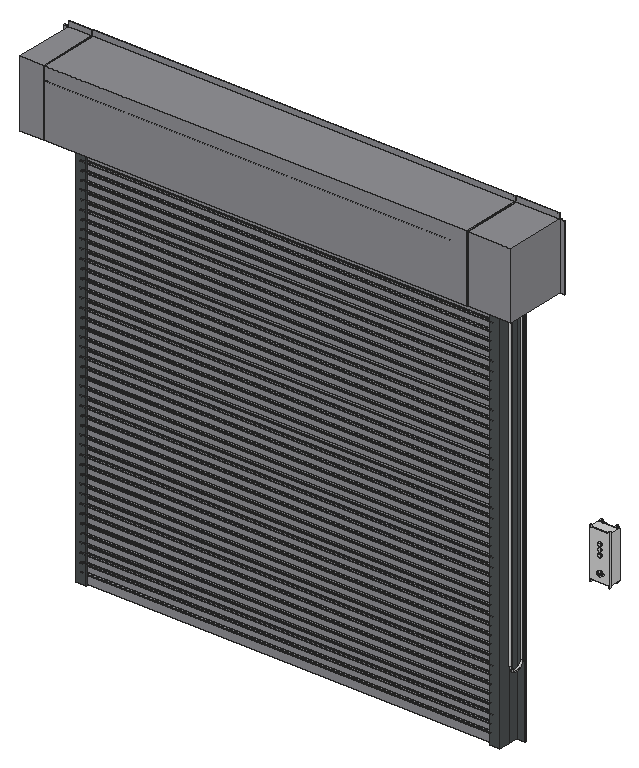
Revit family "Doors_Industrial_Overhead-Door-Corporation_EverServe-HD-Rolling-Steel-Service-Doors-620S_", category Specialty Equipment, host Wall, Revit 2019
Family settings
  Host = Wall
  Round Connector Dimension = Use Diameter
  Part Type = Normal
  OmniClass Number = 23.30.10.21.34
  OmniClass Title = Industrial Doors
  Always vertical = Yes
  Cut with Voids When Loaded = Yes
  Shared = No
  Room Calculation Point = No
Parameters (values of type "208 volts, one phase, 60 Hz (208-240V range)")
  Warning Sign [instance] = if(Calculated Area > 683.00 SF, 1 = 1, 1 = 2)  # no
  Warning (Note) [instance] = if(Warning Sign, "The Door Area is out of the limit; please adjust accordingly. The maximum allowed area is 683 sq. ft.", if(Opening Height > 360", "Headroom Clearance Dimensions - out of the limits. Consult Factory", " "))  # " "
  Wall Thickness [instance] = 6"
  Voltage = 208 V
  True Opening Width [instance] = Clear Width  # 120"
  True Opening Height [instance] = Clear Height  # 120"
  Slat Type [instance] = if(Slat Option < 2, "C-187", if(Slat Option = 2, "C-275", if(Slat Option = 3, "F-265", "FE-265")))  # "F-265"
  Slat Option [instance] = 3  # constant formula
  Slat Length [instance] = Clear Width + G Value * 2 - 1" / 2 * 2  # 126"
  Slat Height [instance] = if(Slat < 2, 11 9/32", if(Slat = 2, 13 3/4", 13 19/128"))  # 13 19/128"
  Slat [instance] = if(Slat Option < 2, 1, if(Slat Option = 2, 2, if(Slat Option = 3, 3, 4)))  # 3
  Product Page URL = "https://www.overheaddoor.com/rolling-steel-service-doors-620S"
  Power Factor = 1
  Powder Coat (Note) = "PowderGuard® Premium powder coat finish options are available in approximately 200 colors as well as custom matching to specification. PowderGuard® Textured finish, a thicker, more scratch resistant coat, is available in 11 colors providing enhanced scratch resistance as well as aiding in hiding the dirt and blemishes that often occur in commercial environments.​"  # constant formula
  Opening Width Real [instance] = if(Opening Width > Max Opening Width, Max Opening Width, if(Opening Width < Min Opening Width, Min Opening Width, Opening Width))  # 120"
  Opening Width [instance] = 120"
  Opening Height Real [instance] = if(Opening Height > Max Opening Height, Max Opening Height, if(Opening Height < Min Opening Height, Min Opening Height, Opening Height))  # 120"
  Opening Height [instance] = 120"
  One Array element [instance] = not(Array Vis)  # no
  Number of Poles = 1
  Motor Position [instance] = M Value - G Value  # 2 3/4"
  Min Opening Width [instance] = 18"  # constant formula
  Min Opening Height [instance] = 24"  # constant formula
  Max Opening Width [instance] = 360"  # constant formula
  Max Opening Height [instance] = 240"  # constant formula
  Material Finish [instance] = 620S : Standard - Gray
  M Value [instance] = if(or(Opening Width < 108", Opening Width = 108"), 5 3/4", if(or(Opening Width < 180", Opening Width = 180"), 6 1/4", if(or(Opening Width < 240", Opening Width = 240"), 7 1/4", 9 1/4")))  # 6 1/4"
  Installation Real [instance] = Wall Thickness  # 6"
  Hood Type [instance] = "Square Hood"  # constant formula
  Hood Offset [instance] = 4"  # constant formula
  Hood Material [instance] = Metal - Overhead Door - Gray
  Hood Height [instance] = A Value + 2"  # 20"
  Headroom Height Real [instance] = Hood Offset + Hood Height  # 24"
  Headroom Height [instance] = Headroom Height Real + 1 1/2"  # 25 1/2"
  HC 4 [instance] = if(or(Clear Height < 84", Clear Height = 84"), 16", if(or(Clear Height < 132", Clear Height = 132"), 18", if(or(Clear Height < 192", Clear Height = 192"), 20", 22")))  # 18"
  HC 3 [instance] = if(or(Clear Height < 108", Clear Height = 108"), 16", if(or(Clear Height < 168", Clear Height = 168"), 18", 20"))  # 18"
  HC 2 [instance] = if(or(Clear Height < 60", Clear Height = 60"), 14", if(or(Clear Height < 120", Clear Height = 120"), 16", if(or(Clear Height < 180", Clear Height = 180"), 18", 20")))  # 16"
  HC 1 [instance] = if(or(Clear Height < 96", Clear Height = 96"), 14", if(or(Clear Height < 168", Clear Height = 168"), 16", 18"))  # 16"
  Guide Type [instance] = "Angled Z Guide"  # constant formula
  Guid Depth [instance] = D Value  # 6 1/4"
  G Value [instance] = if(or(Opening Width < 108", Opening Width = 108"), 3", if(or(Opening Width < 180", Opening Width = 180"), 3 1/2", if(or(Opening Width < 240", Opening Width = 240"), 4", 5 9/16")))  # 3 1/2"
  Frequency = 60 Hz
  Face of Wall Offset [instance] = 5"  # constant formula
  Door Width True [instance] = Clear Width + M Value * 2  # 132 1/2"
  Door Width (Real) [instance] = Clear Width + 1"  # 121"
  Door Height True [instance] = Clear Width + Headroom Height  # 145 1/2"
  Door Height (Real) [instance] = Clear Height + Hood Offset  # 124"
  URL = "https://www.overheaddoor.com/"
  Product data url = "https://www.bimobject.com/overhead-door/product/everserve-hd-rolling-steel-service-doors-620S"
  Product Guid = "35622724-1bf1-4ce0-b9ef-a59f8e9f8129"
  Model = "620S"  # constant formula
  Manufacturer = "Overhead Door Corporation"  # constant formula
  Wall Closure = By host
  Floor To (CL) of Shaft [instance] = Clear Height + Hood Height / 2 + Hood Offset  # 134"
  Finish Material = Finish - Overhead Door - Black
  Description = "Everserve Model 620S Springless service door"  # constant formula
  D Value [instance] = if(or(Opening Width < 108", Opening Width = 108"), 5 11/16", if(or(Opening Width < 180", Opening Width = 180"), 6 1/4", if(or(Opening Width < 240", Opening Width = 240"), 6 3/16", 7 1/16")))  # 6 1/4"
  Clear Width [instance] = Opening Width Real  # 120"
  Clear Height [instance] = Opening Height Real  # 120"
  Current = 20 A
  Backroom Depth [instance] = A Value + 1/2"  # 18 1/2"
  BJ Displacement Real [instance] = 0"  # constant formula
  Array Vis [instance] = if(Array < 2, 1 = 2, 1 = 1)  # yes
  Array Real [instance] = if(Array < 2, 2, Array)  # 10
  Array Length [instance] = (Array) * Slat Height  # 131 31/64"
  Array [instance] = rounddown(([Door Height (Real)] - 3") / Slat Height) + 1  # 10
  Calculated Area [instance] = [Door Width (Real)] * [Door Height (Real)]  # 104.194 SF
  Apparent Load Phase 3 = if(Number of Poles = 1, 0 VA, (Voltage * Current * sqrt(3)) / 3)  # 0 VA
  Apparent Load Phase 2 = if(Number of Poles = 1, 0 VA, (Voltage * Current * sqrt(3)) / 3)  # 0 VA
  Apparent Load Phase 1 = if(Number of Poles = 1, Voltage * Current, (Voltage * Current * sqrt(3)) / 3)  # 4160 VA
  A Value [instance] = if(Slat = 1, HC 1, if(Slat = 2, HC 2, HC 3))  # 18"
Reference planes (in)
  plane 1 "Center (Front/Back)": y = -14.625
  plane 2 "Center (Left/Right)": x = 0
  plane 3 "Left": x = -60
  plane 4 "Right": x = 60
  plane 5 "Exterior": y = -8.625
  plane 6 "Interior": y = -14.625
  plane 7: x = 66.25
  plane 8: x = -66.25
  plane 9: z = 120
  plane 10 "Main": y = -20.23437
  plane 11 "Backroom Depth": y = -32.125
  plane 12 "Main Door Block": y = -13.625
  plane 13 "Bottom Bar": z = 2.75
  plane 14: y = -20.875
  plane 15: z = 134.23438
  plane 16: z = 144
  plane 17: z = 124
  plane 18: z = 145.5
  plane 19: z = 0
  plane 20: z = 60
  plane 21: y = -20.0625
  plane 22: y = 18.375
  plane 23: y = -41.625
  plane 24 "Double Main": y = -19.656
  plane 25 "Headroom Top": z = 145.5
  plane 26: z = 134
  plane 27: x = 63.5
  plane 28: x = -63.5
  plane 29: z = 121.08594
  plane 30: y = -20.0625
  plane 31: z = 2.75
  plane 32: y = -20.0625
  plane 33: z = 121.08594
  plane 34: y = -20.0625
  plane 35: z = 15.89844
  plane 36: y = -20.0625
  plane 37: z = 29.04688
  plane 38: y = -20.0625
  plane 39: z = 42.19531
  plane 40: y = -20.0625
  plane 41: z = 55.34375
  plane 42: y = -20.0625
  plane 43: z = 68.49219
  plane 44: y = -20.0625
  plane 45: z = 81.64063
  plane 46: y = -20.0625
  plane 47: z = 94.78906
  plane 48: y = -20.0625
  plane 49: z = 107.9375
  plane 50: z = 2.75
  plane 51: y = -20.0625
  plane 52: z = 121.08594
  plane 53: y = -20.0625
  plane 54: z = 15.89844
  plane 55: y = -20.0625
  plane 56: z = 29.04688
  plane 57: y = -20.0625
  plane 58: z = 42.19531
  plane 59: y = -20.0625
  plane 60: z = 55.34375
  plane 61: y = -20.0625
  plane 62: z = 68.49219
  plane 63: y = -20.0625
  plane 64: z = 81.64063
  plane 65: y = -20.0625
  plane 66: z = 94.78906
  plane 67: y = -20.0625
  plane 68: z = 107.9375
  plane 69: y = -20.0625
Forms (in)
  Extrusion 1, void
    sketch origin (0, -13.625, 0) x (0, 0, -1) y (-1, 0, 0)
      loop
        line (-120, 60) -> (-120, -60) -> (0, -60) -> (0, 60) -> (-120, 60)
    from -1 to 5
Text (in)
  text "Exterior" at (-74.96733, 27.31104, 0), in view "Ref. Level"
  text "Interior" at (-74.96733, -25.14366, 0), in view "Ref. Level"
  text "Exterior" at (0, 40.15149, 123.01588), in view "Right"
  text "Interior" at (0, -64.39139, 123.01588), in view "Right"
  text "Interior" at (0, -31.01599, 123.00693), in view "Left"
  text "Exterior" at (0, 54.57065, 123.00693), in view "Left"
Dimensions and locks (in)
  equal spacing: plane 3 "Left", plane 2 "Center (Left/Right)", plane 4 "Right"
  "Clear Width": plane 3 "Left" to plane 4 "Right"
  level to host wall = 459.59655"
  "Clear Height": level to plane 9
  plane 7 to plane 8 = 132 1/2"
  equal spacing: plane 7, plane 2 "Center (Left/Right)", plane 8
  locked: plane 13 "Bottom Bar" to level at 2.75
  "Door Width True": plane 7 to plane 8
  locked: plane 14 to plane 10 "Main" at 0.64063
  "Array Length": plane 15 to plane 13 "Bottom Bar"
  "Backroom Depth": plane 11 "Backroom Depth" to plane 12 "Main Door Block"
  "Hood Height": plane 16 to plane 17
  locked: plane 18 to plane 16 at 1.5
  "Installation Real": plane 1 "Center (Front/Back)" to plane 5 "Exterior"
  "Wall Thickness": host wall to host wall
  equal spacing: plane 9, plane 20, plane 19
  locked: plane 10 "Main" to plane 21 at 0.17187
  equal spacing: plane 22, host wall, plane 23
  locked: plane 22 to plane 23 at 60
  locked: plane 10 "Main" to plane 24 "Double Main" at 0.57837
  "Hood Offset": plane 17 to plane 9
  "Headroom Height": plane 25 "Headroom Top" to plane 9
  "Floor To (CL) of Shaft": plane 26 to level
  "Motor Position": plane 7 to plane 27
  "Motor Position": plane 28 to plane 8
  "Guid Depth": plane 14 to plane 1 "Center (Front/Back)"
  "Slat Height": plane 15 to plane 29
  equal spacing: group 1, group 3, group 4, group 5, group 6, group 7, group 8, group 9, group 10, group 2  (x2)
  equal spacing: group 2, group 10, group 9, group 8, group 7, group 6, group 5, group 4, group 3, group 1
  equal spacing: group 12, group 20, group 19, group 18, group 17, group 16, group 15, group 14, group 13, group 11  (x2)
  equal spacing: group 11, group 13, group 14, group 15, group 16, group 17, group 18, group 19, group 20, group 12
  aligned and locked: plane 5 "Exterior" to host wall
  aligned and locked: host wall to plane 6 "Interior"
  aligned and locked: level to Extrusion 1 sketch curve
  aligned and locked: Extrusion 1 to plane 5 "Exterior"
  aligned and locked: plane 6 "Interior" to Extrusion 1
  aligned and locked: nested 1 to plane 2 "Center (Left/Right)"
  aligned and locked: nested 1 to level
  aligned and locked: level to plane 19
  aligned and locked: nested 1 to plane 1 "Center (Front/Back)"
  aligned and locked: plane 2 "Center (Left/Right)" to nested 2
  aligned and locked: nested 2 to plane 22
  aligned and locked: plane 23 to nested 3
  aligned and locked: nested 3 to plane 2 "Center (Left/Right)"
  aligned and locked: nested 4 to plane 20
  aligned and locked: plane 2 "Center (Left/Right)" to nested 4
  aligned and locked: nested 4 to plane 21
  aligned and locked: plane 4 "Right" to Extrusion 1 sketch curve
  aligned and locked: plane 3 "Left" to Extrusion 1 sketch curve
  aligned and locked: Extrusion 1 sketch curve to plane 9
  aligned and locked: plane 13 "Bottom Bar" to plane 31
  aligned and locked: plane 21 to plane 30
  aligned and locked: plane 29 to plane 33
  aligned and locked: plane 32 to plane 21
  aligned and locked: plane 13 "Bottom Bar" to plane 50
  aligned and locked: plane 21 to plane 51
  aligned and locked: plane 29 to plane 52
  aligned and locked: plane 53 to plane 21
  aligned and locked: plane 21 to nested 15
Nested families (in)
  nested 1: "Lifts" at (0, -14.625, 0), type "Frame Unit"
    with Square Hood yes, Round Hood no, Right Motor Position yes, Octagon Hood no, No Hood no, M Value 6 1/4", Hood Offset 4", Hood Height 20", Headroom Height Real 24", Half Hood Height 20", G Value 3 1/2", Shaft Offset 9 1/4", Headroom Height 24", Header Width 18 1/2", Guide Offset 3 1/2", Guide Z Wide 2 3/4", Floor To (CL) of Shaft 134", D Value 6 1/4"
  nested 2: "Label Annotation 1" at (0, 18.375, 0), visible <- "Warning Sign", type "Label Annotation 1"
  nested 3: "Label Annotation 1" at (0, -41.625, 0) x (-1, 0, 0) z (0, 0, 1), visible <- "Warning Sign", type "Label Annotation 1"
  nested 4: "Warning Sign" at (0, -20.0625, 60), visible <- "Warning Sign", type "Warning Sign"
    with Warning Sign no
  nested 5: "620S" at (0, -20.0625, 2.75), Slat Option <- "Slat", Opening Width <- "Slat Length", visible <- "Array Vis", type <- "Material Finish", type "Standard - Gray"
    with Void Offset 1", Void Height 1", Slat Width 0.63", Slat Position + Offset 14.044", Slat Position 13.15", Slat Option 3, Opening Width 126", Integrated Cutout no, F 265, FE 265 yes, Cutout Width Offset 1", Cutout Vertical Offset 0.894", Cutout Horizontal Offset 1", C 275 no, C 187 Standard no
  nested 6: "620S" at (0, -20.0625, 121.08594), Slat Option <- "Slat", Opening Width <- "Slat Length", visible <- "Array Vis", type <- "Material Finish", type "Standard - Gray"
    with Void Offset 1", Void Height 1", Slat Width 0.63", Slat Position + Offset 14.044", Slat Position 13.15", Slat Option 3, Opening Width 126", Integrated Cutout no, F 265, FE 265 yes, Cutout Width Offset 1", Cutout Vertical Offset 0.894", Cutout Horizontal Offset 1", C 275 no, C 187 Standard no
  nested 7: "620S" at (0, -20.0625, 15.89844), Slat Option <- "Slat", Opening Width <- "Slat Length", visible <- "Array Vis", type <- "Material Finish", type "Standard - Gray"
    with Void Offset 1", Void Height 1", Slat Width 0.63", Slat Position + Offset 14.044", Slat Position 13.15", Slat Option 3, Opening Width 126", Integrated Cutout no, F 265, FE 265 yes, Cutout Width Offset 1", Cutout Vertical Offset 0.894", Cutout Horizontal Offset 1", C 275 no, C 187 Standard no
  nested 8: "620S" at (0, -20.0625, 29.04688), Slat Option <- "Slat", Opening Width <- "Slat Length", visible <- "Array Vis", type <- "Material Finish", type "Standard - Gray"
    with Void Offset 1", Void Height 1", Slat Width 0.63", Slat Position + Offset 14.044", Slat Position 13.15", Slat Option 3, Opening Width 126", Integrated Cutout no, F 265, FE 265 yes, Cutout Width Offset 1", Cutout Vertical Offset 0.894", Cutout Horizontal Offset 1", C 275 no, C 187 Standard no
  nested 9: "620S" at (0, -20.0625, 42.19531), Slat Option <- "Slat", Opening Width <- "Slat Length", visible <- "Array Vis", type <- "Material Finish", type "Standard - Gray"
    with Void Offset 1", Void Height 1", Slat Width 0.63", Slat Position + Offset 14.044", Slat Position 13.15", Slat Option 3, Opening Width 126", Integrated Cutout no, F 265, FE 265 yes, Cutout Width Offset 1", Cutout Vertical Offset 0.894", Cutout Horizontal Offset 1", C 275 no, C 187 Standard no
  nested 10: "620S" at (0, -20.0625, 55.34375), Slat Option <- "Slat", Opening Width <- "Slat Length", visible <- "Array Vis", type <- "Material Finish", type "Standard - Gray"
    with Void Offset 1", Void Height 1", Slat Width 0.63", Slat Position + Offset 14.044", Slat Position 13.15", Slat Option 3, Opening Width 126", Integrated Cutout no, F 265, FE 265 yes, Cutout Width Offset 1", Cutout Vertical Offset 0.894", Cutout Horizontal Offset 1", C 275 no, C 187 Standard no
  nested 11: "620S" at (0, -20.0625, 68.49219), Slat Option <- "Slat", Opening Width <- "Slat Length", visible <- "Array Vis", type <- "Material Finish", type "Standard - Gray"
    with Void Offset 1", Void Height 1", Slat Width 0.63", Slat Position + Offset 14.044", Slat Position 13.15", Slat Option 3, Opening Width 126", Integrated Cutout no, F 265, FE 265 yes, Cutout Width Offset 1", Cutout Vertical Offset 0.894", Cutout Horizontal Offset 1", C 275 no, C 187 Standard no
  nested 12: "620S" at (0, -20.0625, 81.64063), Slat Option <- "Slat", Opening Width <- "Slat Length", visible <- "Array Vis", type <- "Material Finish", type "Standard - Gray"
    with Void Offset 1", Void Height 1", Slat Width 0.63", Slat Position + Offset 14.044", Slat Position 13.15", Slat Option 3, Opening Width 126", Integrated Cutout no, F 265, FE 265 yes, Cutout Width Offset 1", Cutout Vertical Offset 0.894", Cutout Horizontal Offset 1", C 275 no, C 187 Standard no
  nested 13: "620S" at (0, -20.0625, 94.78906), Slat Option <- "Slat", Opening Width <- "Slat Length", visible <- "Array Vis", type <- "Material Finish", type "Standard - Gray"
    with Void Offset 1", Void Height 1", Slat Width 0.63", Slat Position + Offset 14.044", Slat Position 13.15", Slat Option 3, Opening Width 126", Integrated Cutout no, F 265, FE 265 yes, Cutout Width Offset 1", Cutout Vertical Offset 0.894", Cutout Horizontal Offset 1", C 275 no, C 187 Standard no
  nested 14: "620S" at (0, -20.0625, 107.9375), Slat Option <- "Slat", Opening Width <- "Slat Length", visible <- "Array Vis", type <- "Material Finish", type "Standard - Gray"
    with Void Offset 1", Void Height 1", Slat Width 0.63", Slat Position + Offset 14.044", Slat Position 13.15", Slat Option 3, Opening Width 126", Integrated Cutout no, F 265, FE 265 yes, Cutout Width Offset 1", Cutout Vertical Offset 0.894", Cutout Horizontal Offset 1", C 275 no, C 187 Standard no
  nested 15: "620S" at (0, -20.0625, 2.75), Slat Option <- "Slat", Opening Width <- "Slat Length", visible <- "One Array element", type <- "Material Finish", type "Standard - Gray"
    with Void Offset 1", Void Height 1", Slat Width 0.63", Slat Position + Offset 14.044", Slat Position 13.15", Slat Option 3, Opening Width 126", Integrated Cutout no, F 265, FE 265 yes, Cutout Width Offset 1", Cutout Vertical Offset 0.894", Cutout Horizontal Offset 1", C 275 no, C 187 Standard no
Connectors (in)
  electrical at (91.25, -17.915, 60), driven by "Apparent Load Phase 1", driven by "Apparent Load Phase 2", driven by "Apparent Load Phase 3", driven by "Power Factor", driven by "Voltage", driven by "Number of Poles"
    settings: on nested 1, index 1, voltage 208 V, apparent load 0 VA, apparent load phase1 4160 VA, apparent load phase2 0 VA, apparent load phase3 0 VA, power factor 1, load classification "Other", number of poles 1, system type 31, power factor state 1, is connector primary yes, connector utility no, sub classification motor no, connector description "Electrical Connector"
Definition of nested family "Lifts"
  Parameters (values of type "Frame Unit")
    True Width = if(Between Jambs, Opening Width, Opening Width + 1/2")  # 120 1/2"
    Square Hood [instance] = if(Hood Option = 2, 1 = 1, 1 = 2)  # yes
    Slat Option = 1
    Round Hood [instance] = if(Hood Option > 3, 1 = 1, 1 = 2)  # no
    Rough Width = 0"
    Rough Height = 0"
    Right Motor Position [instance] = yes
    Octagon Hood [instance] = if(Hood Option = 3, 1 = 1, 1 = 2)  # no
    No Hood [instance] = if(Hood Option < 2, 1 = 1, 1 = 2)  # no
    M Value = 7 1/2"
    Hood Type = if(Hood Option < 2, "No Hood", if(Hood Option = 2, "Square Hood", if(Hood Option = 3, "Octagon Hood", "Round Hood")))  # "Square Hood"
    Hood Option = 2
    Hood Offset = 3"
    Hood Height = Headroom Height Real - Hood Offset  # 18"
    Headroom Height Real = Headroom Height  # 21"
    Half Octagon Side = 3.41726"
    Half Hood Height = Headroom Height - Hood Offset  # 18"
    G Value = 4 1/2"
    E Guide Width = if(Between Jambs, Guide Offset - G Value + BJ Connection Length - BJ Displacement * 2 / 3, 3")  # 3"
    E Guide Height = 3"  # constant formula
    Z Guide = 1 = 1  # yes
    Slat Material = none
    Shaft Offset = if(Hood Height < Header Width, (Header Width - (Header Width - Hood Height)) / 2, Header Width / 2)  # 8 1/4"
    Shaft Material = none
    Shaft Length 2 = 18"  # constant formula
    Shaft Length 1 = 12"  # constant formula
    Setback = if(Between Jambs, 0", 1/2")  # 1/2"
    Opening Width = 120"
    Hood Material = none
    Headroom Height = 21"
    Header Width = 16 1/2"
    Opening Height = 120"
    Guide Type = if(Between Jambs, "Angled Between Jambs Z Guide", if(Guide Option > 1, "Angled Z Guide", "Angled E Guide"))  # "Angled Z Guide"
    Guide Option = if(Between Jambs, 1, 2)  # 2
    Guide Offset = BJ Displacement + G Value  # 4 1/2"
    Guide Z Wide = if(Between Jambs, Guide Offset - G Value + BJ Connection Length - BJ Displacement * 2 / 3, M Value - G Value)  # 3"
    Guide Z Height = 3"  # constant formula
    Floor To (CL) of Shaft = 132"
    Finish Material = none
    Face to Wall Mount = not(Between Jambs)  # yes
    E Guide = if(Between Jambs, 1 = 1, 1 = 2)  # no
    D Value = 5 3/16"
    Chain offset = if(Opening Height < 35", Opening Height - 5", 30")  # 30"
    Between Jambs = no
    BJ Position = if(Between Jambs, 1/4", 0")  # 0"
    BJ Displacement = 0"
    BJ Connection Length = 1 / 3 * BJ Displacement  # 0"
    Angled Guide = 1 = 1  # yes
    1 = 14.57"
  Reference planes (in)
    plane 1 "Center (Front/Back)": y = 0
    plane 2: z = 0
    plane 3 "Center (Left/Right)": x = 0
    plane 4 "Opening Height": z = 120
    plane 5: x = -72
    plane 6: x = 78
    plane 7: z = 141
    plane 8: y = 16.5
    plane 9 "Real Opening 2": x = -60
    plane 10 "Real Opening 1": x = 60
    plane 11: z = 123
    plane 12 "Main": y = 0
    plane 13: z = 132
    plane 14: x = 64.5
    plane 15: x = -64.5
    plane 16: x = -64.5
    plane 17: x = 64.5
    plane 18: y = 5.1875
    plane 19: x = -64.25
    plane 20: x = 64.25
    plane 21: z = 142.5
    plane 22: y = 5.1875
    plane 23: y = 4.0625
    plane 24: y = 5.1875
    plane 25: y = 4.0625
    plane 26: y = 0.25
    plane 27: z = 123
    plane 28: z = 30
    plane 29: z = 0
    plane 30: x = 74
    plane 31: x = 92.25
    plane 32: z = 60
    plane 33: x = 89.2
    plane 34: x = 95.3
    plane 35: y = 3.54
    plane 36: x = 76.25
    plane 37: x = -70.25
  Forms (in)
    Extrusion 1, solid, material <- "Slat Material"
      sketch origin (0, 0, 0) x (0, 1, 0) y (0, 0, 1)
        loop
          line (4.375, 2.375) -> (4.375, 2.75) -> (3.75, 2.75) -> (3.75, 2.375) -> (4.375, 2.375)
      from -64.25 to 64.25
    Extrusion 2, solid, material <- "Slat Material"
      sketch origin (0, 0, 0) x (0, 1, 0) y (0, 0, 1)
        loop
          line (4.375, 2.375) -> (3.75, 2.375) -> (3.75, 0) -> (4.375, 0) -> (4.375, 2.375)
      from -64.25 to 64.25
    Extrusion 3, solid, material <- "Shaft Material"
      sketch origin (0, -5.35201, 0) x (0, 1, 0) y (0, 0, 1)
        loop
          circle (13.60201, 132) r 0.6
      from -70.25 to 76.25
    Extrusion 4, solid, material <- "Hood Material", visible <- "Square Hood"
      sketch origin (0, 0, 0) x (0, 1, 0) y (0, 0, 1)
        loop
          line (0, 123) -> (16.5, 123) -> (16.5, 142.5) -> (0, 142.5) -> (0, 123)
      from -64.25 to 64.25
    Extrusion 5, solid, material <- "Finish Material", visible <- "E Guide"
      sketch origin (0, 0, 0) x (1, 0, 0) y (0, 1, 0)
        loop
          line (61.5, 0) -> (64.5, 0) -> (64.5, 3) -> (64.4375, 3)
          arc (64.4375, 3) -> (64.30492, 2.94508) -> (64.25, 2.8125) r 0.1875
          line (64.25, 2.8125) -> (64.25, 0.25) -> (61.6875, 0.25)
          arc (61.6875, 0.25) -> (61.55492, 0.19508) -> (61.5, 0.0625) r 0.1875
          line (61.5, 0.0625) -> (61.5, 0)
        loop
          line (-61.5, 0) -> (-61.5, 0.0625)
          arc (-61.5, 0.0625) -> (-61.55492, 0.19508) -> (-61.6875, 0.25) r 0.1875
          line (-61.6875, 0.25) -> (-64.25, 0.25) -> (-64.25, 2.8125)
          arc (-64.25, 2.8125) -> (-64.30492, 2.94508) -> (-64.4375, 3) r 0.1875
          line (-64.4375, 3) -> (-64.5, 3) -> (-64.5, 0) -> (-61.5, 0)
      from 0 to 123
    Extrusion 6, solid, material <- "Finish Material", visible <- "Z Guide"
      sketch origin (0, 0, 0) x (1, 0, 0) y (0, 1, 0)
        loop
          line (67.5, 0) -> (67.5, 0.062)
          arc (67.5, 0.062) -> (67.44494, 0.19494) -> (67.312, 0.25) r 0.188
          line (67.312, 0.25) -> (64.75, 0.25) -> (64.75, 2.812)
          arc (64.75, 2.812) -> (64.69494, 2.94494) -> (64.562, 3) r 0.188
          line (64.562, 3) -> (64.5, 3) -> (64.5, 0) -> (67.5, 0)
        loop
          line (-67.5, 0) -> (-64.5, 0) -> (-64.5, 3) -> (-64.562, 3)
          arc (-64.562, 3) -> (-64.69494, 2.94494) -> (-64.75, 2.812) r 0.188
          line (-64.75, 2.812) -> (-64.75, 0.25) -> (-67.312, 0.25)
          arc (-67.312, 0.25) -> (-67.44494, 0.19494) -> (-67.5, 0.062) r 0.188
          line (-67.5, 0.062) -> (-67.5, 0)
      from 0 to 123
    Extrusion 7, solid, material <- "Finish Material", visible <- "Angled Guide"
      sketch origin (0, 0, 0) x (1, 0, 0) y (0, 1, 0)
        loop
          line (60.5, 5.1875) -> (60.5, 5.1245)
          arc (60.5, 5.1245) -> (60.55477, 4.99227) -> (60.687, 4.9375) r 0.187
          line (60.687, 4.9375) -> (64.25, 4.9375) -> (64.25, 3.1875) -> (60.5, 3.1875) -> (60.5, 3.1245)
          arc (60.5, 3.1245) -> (60.55477, 2.99227) -> (60.687, 2.9375) r 0.187
          line (60.687, 2.9375) -> (64, 2.9375) -> (64, 1.25) -> (64.25, 1.25) -> (64.25, 0.9375) -> (64.5, 0.9375) -> (64.5, 5.1875) -> (60.5, 5.1875)
        loop
          line (-60.5, 5.1875) -> (-64.5, 5.1875) -> (-64.5, 0.9375) -> (-64.25, 0.9375) -> (-64.25, 1.25) -> (-64, 1.25) -> (-64, 2.9375) -> (-60.687, 2.9375)
          arc (-60.687, 2.9375) -> (-60.55477, 2.99227) -> (-60.5, 3.1245) r 0.187
          line (-60.5, 3.1245) -> (-60.5, 3.1875) -> (-64.25, 3.1875) -> (-64.25, 4.9375) -> (-60.687, 4.9375)
          arc (-60.687, 4.9375) -> (-60.55477, 4.99227) -> (-60.5, 5.1245) r 0.187
          line (-60.5, 5.1245) -> (-60.5, 5.1875)
      from 0 to 123
    Extrusion 8, solid, material <- "Hood Material"
      sketch origin (0, 0, 0) x (-1, 0, 0) y (0, 0, 1)
        loop
          line (64.25, 123) -> (64.5, 123) -> (64.5, 141) -> (64.25, 141) -> (64.25, 123)
        loop
          line (-64.5, 123) -> (-64.25, 123) -> (-64.25, 141) -> (-64.5, 141) -> (-64.5, 123)
      from 0 to 16.5
    Extrusion 9, solid, material <- "Hood Material"
      sketch origin (0, 0, 0) x (1, 0, 0) y (0, 1, 0)
        loop
          line (-72, 0) -> (-64.5, 0) -> (-64.5, 16.5) -> (-72, 16.5) -> (-72, 0)
        loop
          line (78, 0) -> (78, 16.5) -> (64.5, 16.5) -> (64.5, 0) -> (78, 0)
      from 123 to 142.5
    Extrusion 10, void
      sketch origin (0, 0, 0) x (1, 0, 0) y (0, 0, 1)
        loop
          line (-72, 142.5) -> (-72, 123) -> (-70.5, 123) -> (-70.5, 141) -> (76.5, 141) -> (76.5, 120) -> (78, 120) -> (78, 142.5) -> (-72, 142.5)
      from -0.25 to -16.5
    Extrusion 11, void
      sketch origin (0, 0, 0) x (1, 0, 0) y (0, 0, 1)
        loop
          line (-72, 141) -> (-70.5, 141) -> (-70.5, 142.5) -> (-72, 142.5) -> (-72, 141)
        loop
          line (78, 141) -> (78, 142.5) -> (76.5, 142.5) -> (76.5, 141) -> (78, 141)
      from 0 to -0.25
    Sweep 12, solid
      path origin (74, -12.75, 1000) x (0, -1, 0) y (0, 0, 1)
        loop
          line (-26.53866, -877) -> (-26.53866, -970)
          arc (-26.53866, -970) -> (-24.10116, -972.4375) -> (-21.66366, -970) r 2.4375
          line (-21.66366, -970) -> (-21.66366, -877)
      profile origin (74, 13.78866, 76.5) x (-1, 0, 0) y (0, -1, 0)
        loop
          circle (0, 0.2675) r 0.2675
    Extrusion 13, solid
      sketch origin (92.25, 0, 60) x (1, 0, 0) y (0, 0, 1)
        loop
          line (-3.05, 6.9501) -> (-3.05, -6.9501) -> (-2.68608, -7.50057)
          arc (-2.68608, -7.50057) -> (-2.29289, -7.67009) -> (-1.98022, -7.37757) r 0.3909
          arc (-1.98022, -7.37757) -> (-1.82768, -7.14063) -> (-1.56135, -7.04853) r 0.43113
          line (-1.56135, -7.04853) -> (1.56135, -7.04853)
          arc (1.56135, -7.04853) -> (1.82768, -7.14063) -> (1.98022, -7.37757) r 0.43113
          arc (1.98022, -7.37757) -> (2.29289, -7.67009) -> (2.68608, -7.50057) r 0.3909
          line (2.68608, -7.50057) -> (3.05, -6.9501) -> (3.05, 6.9501) -> (2.68608, 7.50057)
          arc (2.68608, 7.50057) -> (2.29289, 7.67009) -> (1.98022, 7.37757) r 0.3909
          arc (1.98022, 7.37757) -> (1.82768, 7.14063) -> (1.56135, 7.04853) r 0.43113
          line (1.56135, 7.04853) -> (-1.56135, 7.04853)
          arc (-1.56135, 7.04853) -> (-1.82768, 7.14063) -> (-1.98022, 7.37757) r 0.43113
          arc (-1.98022, 7.37757) -> (-2.29289, 7.67009) -> (-2.68608, 7.50057) r 0.3909
          line (-2.68608, 7.50057) -> (-3.05, 6.9501)
      from 0 to -3.29
    Extrusion 14, solid
      sketch origin (92.25, 0, 60) x (1, 0, 0) y (0, 0, 1)
        loop
          line (3.05, -7.50057) -> (3.05, 7.50057) -> (2.68608, 7.50057) -> (2.68608, 6.9501) -> (-2.68608, 6.9501) -> (-2.68608, 7.50057) -> (-3.05, 7.50057) -> (-3.05, -7.50057) -> (-2.68608, -7.50057) -> (-2.68608, -6.9501) -> (2.68608, -6.9501) -> (2.68608, -7.50057) -> (3.05, -7.50057)
      from -3.54 to -3.29
    Extrusion 15, void
      sketch origin (101.25, 0, 60) x (0, -1, 0) y (0, 0, -1)
        loop
          line (-3.29, -7.6759) -> (-0.25, -7.6759) -> (-0.25, -6.9501) -> (-3.29, -6.9501) -> (-3.29, -7.6759)
        loop
          line (-3.29, 7.6759) -> (-3.29, 6.9501) -> (-0.25, 6.9501) -> (-0.25, 7.6759) -> (-3.29, 7.6759)
      from -12.05 to -5.95
    Extrusion 16, solid
      sketch origin (92.25, 0, 60) x (1, 0, 0) y (0, 0, 1)
        loop
          circle (0, -4.5) r 0.75
        loop
          circle (0, 3.35363) r 0.5
        loop
          circle (0, 1.85363) r 0.5
        loop
          circle (0, 0.35363) r 0.5
      from -3.54 to -3.66
    Extrusion 17, solid
      sketch origin (92.25, 0, 59.5) x (1, 0, 0) y (0, 0, 1)
        loop
          line (-0.6134, -3.85528) -> (-0.6134, -4.14472) -> (1.1366, -4.14472) -> (1.1366, -3.85528) -> (-0.6134, -3.85528)
      from -3.66 to -4.03743
  Cuts and joins
    Extrusion 10, Extrusion 11 cuts Extrusion 9
    Extrusion 10 cuts Extrusion 4
    Extrusion 15 cuts Extrusion 13
  Lines and regions (in)
    Masking region 1
      outline origin (0, 0, 0) x (1, 0, 0) y (0, 1, 0)
        loop
          line (-64.5, 16.5) -> (-64.5, 0) -> (64.5, 0) -> (64.5, 16.5) -> (-64.5, 16.5)
    Masking region 2
      outline origin (0, 0, 0) x (1, 0, 0) y (0, 1, 0)
        loop
          line (64.5, 0) -> (78, 0) -> (78, 0.25) -> (76.5, 0.25) -> (76.5, 16.5) -> (64.5, 16.5) -> (64.5, 0)
        loop
          line (-64.5, 0) -> (-64.5, 16.5) -> (-70.5, 16.5) -> (-70.5, 0.25) -> (-72, 0.25) -> (-72, 0) -> (-64.5, 0)
    Masking region 3
      outline origin (0, 0, 0) x (1, 0, 0) y (0, 1, 0)
        loop
          line (89.2, 3.54) -> (89.2, 0) -> (95.3, 0) -> (95.3, 3.54) -> (89.2, 3.54)
    Masking region 4
      outline origin (92.25, 0, 60) x (0, -1, 0) y (1, 0, 0)
        loop
          line (-3.54, -0.75) -> (-3.54, 0.75) -> (-3.66, 0.75) -> (-3.66, 1.1366) -> (-4.03743, 1.1366) -> (-4.03743, -0.6134) -> (-3.66, -0.6134) -> (-3.66, -0.75) -> (-3.54, -0.75)
    symbolic lines
      curve 1: line (-64.25, 0, 0) -> (-64.25, 16.5, 0)
      curve 2: line (64.25, 16.5, 0) -> (64.25, 0, 0)
      curve 4: line (-72, 0.25, 0) -> (78, 0.25, 0)
      curve 6: line (89.2, 3.29, 0) -> (95.3, 3.29, 0)
      curve 7: line (89.2, 0.25, 0) -> (95.3, 0.25, 0)
      curve 8: line (91.5, 3.66, 60) -> (93.3866, 3.66, 60)
    symbolic lines, visible <- "Octagon Hood"
      curve 3: line (-64.25, 12.69239, 0) -> (64.25, 12.69239, 0)
    reference lines
      curve 5: line (92.25, 0, 60) -> (101.25, 0, 60)
  Dimensions and locks (in)
    Extrusion 1 sketch curve to level = 2 3/8"
    locked: Extrusion 1 sketch curve to Extrusion 1 sketch curve at 0.625
    locked: Extrusion 2 sketch curve to level at 2.375
    "Headroom Height Real": plane 7 to plane 4 "Opening Height"
    plane 8 to plane 1 "Center (Front/Back)" = 16 1/2"
    "Opening Height": plane 4 "Opening Height" to level
    "Hood Offset": plane 11 to plane 4 "Opening Height"
    "BJ Position": plane 12 "Main" to plane 1 "Center (Front/Back)"
    "Header Width": plane 12 "Main" to plane 8
    "Floor To (CL) of Shaft": plane 13 to level
    "Shaft Offset": Extrusion 3 sketch curve to plane 8
    locked: Extrusion 2 sketch curve to Extrusion 2 sketch curve at 0.625
    "Guide Offset": plane 10 "Real Opening 1" to plane 14
    "Guide Offset": plane 15 to plane 9 "Real Opening 2"
    locked: Extrusion 5 sketch curve to Extrusion 5 sketch curve at 0.25  (x4)
    "E Guide Height": Extrusion 5 sketch curve to Extrusion 5 sketch curve  (x2)
    "E Guide Width": Extrusion 5 sketch curve to Extrusion 5 sketch curve  (x2)
    locked: Extrusion 6 sketch curve to Extrusion 6 sketch curve at 0.25  (x4)
    "Guide Z Wide": Extrusion 6 sketch curve to Extrusion 6 sketch curve  (x2)
    "Guide Z Height": Extrusion 6 sketch curve to Extrusion 6 sketch curve  (x2)
    locked: Extrusion 7 sketch curve to Extrusion 7 sketch curve at 0.25  (x8)
    locked: Extrusion 7 sketch curve to Extrusion 7 sketch curve at 2.25  (x2)
    locked: Extrusion 7 sketch curve to Extrusion 7 sketch curve at 4.25  (x2)
    locked: Extrusion 7 sketch curve to Extrusion 7 sketch curve at 0.3125  (x2)
    "Setback": plane 10 "Real Opening 1" to Extrusion 7 sketch curve
    "Setback": Extrusion 7 sketch curve to plane 9 "Real Opening 2"
    equal spacing: plane 15, plane 3 "Center (Left/Right)", plane 14
    "G Value": Extrusion 6 sketch curve to plane 9 "Real Opening 2"
    "G Value": plane 10 "Real Opening 1" to Extrusion 6 sketch curve
    "G Value": plane 10 "Real Opening 1" to plane 17
    "G Value": plane 16 to plane 9 "Real Opening 2"
    "Shaft Length 1": plane 5 to plane 9 "Real Opening 2"
    "Shaft Length 2": plane 6 to plane 10 "Real Opening 1"
    locked: Extrusion 2 to plane 17 at 0.25
    locked: Extrusion 2 to plane 16 at 0.25
    locked: plane 16 to plane 19 at 0.25
    locked: plane 20 to plane 17 at 0.25
    equal spacing: plane 9 "Real Opening 2", plane 3 "Center (Left/Right)", plane 10 "Real Opening 1"
    "Opening Width": plane 9 "Real Opening 2" to plane 10 "Real Opening 1"
    locked: plane 21 to plane 7 at 1.5
    "D Value": plane 1 "Center (Front/Back)" to plane 18
    "D Value": plane 22 to plane 1 "Center (Front/Back)"
    locked: plane 22 to plane 23 at 1.125
    equal spacing: Extrusion 1 sketch curve, plane 23, Extrusion 1 sketch curve
    "D Value": plane 24 to plane 1 "Center (Front/Back)"
    locked: plane 24 to plane 25 at 1.125
    equal spacing: Extrusion 2 sketch curve, plane 25, Extrusion 2 sketch curve
    "G Value": plane 10 "Real Opening 1" to Extrusion 7 sketch curve
    "G Value": Extrusion 7 sketch curve to plane 9 "Real Opening 2"
    locked: Extrusion 10 sketch curve to Extrusion 10 sketch curve at 1.5  (x2)
    locked: plane 26 to plane 12 "Main" at 0.25
    locked: Extrusion 11 sketch curve to Extrusion 11 sketch curve at 1.5  (x2)
    "Chain offset": plane 28 to plane 29
    locked: plane 30 to plane 6 at 4
    locked: plane 20 to plane 31 at 28
    locked: plane 32 to level at 60
    locked: curve 5 to curve 5 at 9
    plane 1 "Center (Front/Back)" to plane 35 = 3.54"
    equal spacing: plane 33, plane 31, plane 34
    locked: plane 33 to plane 34 at 6.1
    locked: plane 5 to plane 37 at 1.75
    locked: plane 36 to plane 6 at 1.75
    radius of Extrusion 5 sketch curve = 3/16"  (x4)
    radius of Extrusion 6 sketch curve = 0.188"  (x4)
    locked: Extrusion 7 sketch curve to Extrusion 7 sketch curve (radius 0.187")  (x4)
    aligned and locked: plane 2 to level
    aligned and locked: Extrusion 4 sketch curve to plane 8
    aligned and locked: plane 13 to Extrusion 3 sketch curve
    aligned and locked: plane 12 "Main" to Extrusion 5 sketch curve  (x2)
    aligned and locked: Extrusion 5 sketch curve to plane 14
    aligned and locked: plane 15 to Extrusion 5 sketch curve
    aligned and locked: Extrusion 6 sketch curve to plane 1 "Center (Front/Back)"  (x2)
    aligned and locked: Extrusion 7 sketch curve to Extrusion 7 sketch curve  (x4)
    aligned and locked: plane 18 to Extrusion 7 sketch curve
    aligned and locked: Extrusion 7 sketch curve to plane 18
    aligned and locked: plane 12 "Main" to Extrusion 4 sketch curve
    aligned and locked: Extrusion 8 sketch curve to plane 11  (x2)
    aligned and locked: Extrusion 8 sketch curve to plane 7  (x2)
    aligned and locked: plane 16 to Extrusion 8 sketch curve
    aligned and locked: Extrusion 8 sketch curve to plane 17
    aligned and locked: Masking region 1 sketch curve to Extrusion 4
    aligned and locked: Masking region 1 to curve 2  (x2)
    aligned and locked: Masking region 1 to curve 1  (x2)
    aligned and locked: Extrusion 2 to Extrusion 1
    aligned and locked: Extrusion 1 to Extrusion 2
    aligned and locked: Masking region 1 to plane 16
    aligned and locked: Masking region 1 to plane 17
    aligned and locked: plane 19 to Extrusion 8 sketch curve
    aligned and locked: plane 20 to Extrusion 8 sketch curve
    aligned and locked: plane 19 to Extrusion 4
    aligned and locked: Extrusion 4 to plane 20
    aligned and locked: plane 8 to Extrusion 8
    aligned and locked: plane 19 to curve 3
    aligned and locked: plane 20 to curve 3
    aligned and locked: Extrusion 4 sketch curve to plane 11
    aligned and locked: Extrusion 6 to plane 11
    aligned and locked: plane 11 to Extrusion 5
    aligned and locked: plane 11 to Extrusion 7
    aligned and locked: Extrusion 9 sketch curve to plane 5
    aligned and locked: plane 16 to Extrusion 9 sketch curve
    aligned and locked: plane 1 "Center (Front/Back)" to Extrusion 9 sketch curve
    aligned and locked: Extrusion 9 sketch curve to plane 8  (x2)
    aligned and locked: Extrusion 9 sketch curve to plane 6
    aligned and locked: Extrusion 9 sketch curve to plane 14
    aligned and locked: Extrusion 9 sketch curve to plane 1 "Center (Front/Back)"
    aligned and locked: Extrusion 9 to plane 11
    aligned and locked: Extrusion 9 to plane 21
    aligned and locked: Extrusion 10 sketch curve to plane 21
    aligned and locked: Extrusion 10 sketch curve to plane 7
    aligned and locked: Extrusion 10 sketch curve to plane 5
    aligned and locked: Extrusion 10 sketch curve to plane 6
    aligned and locked: Extrusion 10 sketch curve to plane 11
    aligned and locked: Extrusion 10 sketch curve to plane 4 "Opening Height"
    aligned and locked: Extrusion 10 to plane 8
    aligned and locked: Extrusion 10 to plane 26
    aligned and locked: Extrusion 4 sketch curve to plane 21
    aligned and locked: Extrusion 11 sketch curve to plane 5
    aligned and locked: Extrusion 11 sketch curve to plane 6
    aligned and locked: Extrusion 11 sketch curve to plane 7
    aligned and locked: Extrusion 11 sketch curve to plane 21
    aligned and locked: plane 21 to Extrusion 11 sketch curve
    aligned and locked: plane 7 to Extrusion 11 sketch curve
    aligned and locked: plane 26 to Extrusion 11
    aligned and locked: Extrusion 11 to plane 1 "Center (Front/Back)"
    aligned and locked: Masking region 2 sketch curve to plane 14
    aligned and locked: Masking region 2 sketch curve to cut or joined group of Extrusion 9, Extrusion 10, Extrusion 11  (x5)
    aligned and locked: cut or joined group of Extrusion 9, Extrusion 10, Extrusion 11 to Masking region 2 sketch curve
    aligned and locked: Masking region 2 sketch curve to plane 6
    aligned and locked: plane 16 to Masking region 2 sketch curve
    aligned and locked: Masking region 2 sketch curve to plane 26
    aligned and locked: Masking region 2 sketch curve to plane 5
    aligned and locked: plane 1 "Center (Front/Back)" to Masking region 2 sketch curve
    aligned and locked: curve 4 to plane 26
    aligned and locked: plane 5 to curve 4
    aligned and locked: plane 27 to Sweep 12 sketch curve  (x2)
    aligned and locked: plane 28 to Sweep 12 sketch curve  (x2)
    aligned and locked: plane 11 to plane 27
    aligned and locked: level to plane 29
    aligned and locked: plane 31 to curve 5
    aligned and locked: curve 5 to plane 32
    aligned and locked: Extrusion 3 to plane 36
    aligned and locked: plane 37 to Extrusion 3
    aligned and locked: plane 35 to Masking region 3
    aligned and locked: plane 1 "Center (Front/Back)" to Extrusion 13
    aligned and locked: Extrusion 13 sketch curve to plane 34
    aligned and locked: Extrusion 13 sketch curve to plane 33
    aligned and locked: plane 34 to Masking region 3 sketch curve
    aligned and locked: Masking region 3 sketch curve to plane 33
    aligned and locked: Masking region 3 sketch curve to plane 35
    aligned and locked: plane 33 to Extrusion 15
    aligned and locked: Extrusion 15 to plane 34
    aligned and locked: plane 33 to curve 6
    aligned and locked: plane 34 to curve 6
    aligned and locked: plane 33 to curve 7
    aligned and locked: plane 34 to curve 7
  Automatic sketch dimensions
    Extrusion 14 sketch curve to curve 5 = 3.05"
    Extrusion 14 sketch curve to Extrusion 14 sketch curve = 0.36392"  (x4)
    curve 5 to Extrusion 14 sketch curve = 2.68608"
    Extrusion 14 sketch curve to curve 5 = 7.50057"
    Extrusion 14 sketch curve to Extrusion 14 sketch curve = 0.55048"  (x4)
    curve 5 to Extrusion 14 sketch curve = 6.9501"
    Masking region 1 sketch curve to plane 1 "Center (Front/Back)" = 0"
    Masking region 1 sketch curve to plane 15 = 0"
    Masking region 1 sketch curve to plane 14 = 0"
    Sweep 12 sketch curve to plane 8 = 2.71134"
    Sweep 12 sketch curve to Sweep 12 sketch curve = 2 7/16"
    Sweep 12 sketch curve to profile plane = 0"
    Sweep 12 sketch curve to profile plane = 0.2675"
    Extrusion 13 sketch curve to Extrusion 13 sketch curve = 0.36392"  (x2)
    Extrusion 13 sketch curve to Extrusion 13 sketch curve = 0.32608"  (x4)
    Extrusion 13 sketch curve to Extrusion 13 sketch curve = 0.79865"  (x2)
    Extrusion 13 sketch curve to Extrusion 13 sketch curve = 1.48865"
    curve 5 to Extrusion 13 sketch curve = 1.56135"
    Extrusion 13 sketch curve to Extrusion 13 sketch curve = 0.69"  (x2)
    Extrusion 13 sketch curve to curve 5 = 7.50057"  (x2)
    Extrusion 13 sketch curve to Extrusion 13 sketch curve = 0.0209"  (x2)
    Extrusion 13 sketch curve to Extrusion 13 sketch curve = 0.21557"  (x4)
    Extrusion 13 sketch curve to Extrusion 13 sketch curve = 0.43113"  (x3)
    Extrusion 13 sketch curve to Extrusion 13 sketch curve = 0.55048"  (x2)
    curve 5 to Extrusion 13 sketch curve = 6.9501"  (x2)
    Extrusion 13 sketch curve to Extrusion 13 sketch curve = 0.09844"
    Extrusion 13 sketch curve to Extrusion 13 sketch curve = 0.3349"  (x2)
    Extrusion 15 sketch curve to plane 26 = 0"  (x2)
    Extrusion 15 sketch curve to plane 35 = 1/4"  (x2)
    plane 32 to Extrusion 15 sketch curve = 7.6759"
    Extrusion 15 sketch curve to Extrusion 15 sketch curve = 0.7258"  (x2)
    Extrusion 15 sketch curve to plane 32 = 6.9501"
    Extrusion 17 sketch curve to curve 5 = 0.6134"
    curve 5 to Extrusion 17 sketch curve = 1.1366"
    Extrusion 17 sketch curve to curve 5 = 4.64472"
    Extrusion 17 sketch curve to Extrusion 17 sketch curve = 0.28943"
    Extrusion 16 sketch curve to curve 5 = 0"  (x3)
    curve 5 to Extrusion 16 sketch curve = 0"
    curve 5 to Extrusion 16 sketch curve = 0.35363"
    curve 5 to Extrusion 16 sketch curve = 1.85363"
    curve 5 to Extrusion 16 sketch curve = 3.35363"
    Extrusion 16 sketch curve to curve 5 = 4 1/2"
    plane 1 "Center (Front/Back)" to Masking region 3 sketch curve = 0"
    curve 4 to plane 6 = 0"
    curve 7 to plane 26 = 0"
    curve 6 to plane 35 = 1/4"
    curve 3 to curve 1 = 3.80761"
    Masking region 4 sketch curve to curve 5 = 4.03743"
    Masking region 4 sketch curve to Masking region 4 sketch curve = 0.37743"
    Masking region 4 sketch curve to curve 5 = 3/4"
    Masking region 4 sketch curve to Masking region 4 sketch curve = 0.1366"
    curve 5 to Masking region 4 sketch curve = 3/4"
    Masking region 4 sketch curve to Masking region 4 sketch curve = 0.3866"
    Masking region 4 sketch curve to Masking region 4 sketch curve = 0.12"  (x2)
    curve 8 to curve 5 = 3.66"
    curve 8 to curve 5 = 3/4"
    curve 5 to curve 8 = 1.1366"
    Extrusion 1 sketch curve to Extrusion 1 sketch curve = 3/8"
    Extrusion 2 sketch curve to level = 0"
    radius of Extrusion 3 sketch curve = 0.6"
    radius of Sweep 12 sketch curve = 0.2675"
    radius of Extrusion 16 sketch curve = 3/4"
    radius of Extrusion 16 sketch curve = 1/2"  (x3)
Definition of nested family "620S"
  Parameters (values of type "Fenestration Large - Tan")
    Void Offset [instance] = if(Integrated Cutout, 0", 1")  # 0"
    Void Height [instance] = if(and(C 275, Perforation), 1.16", if(and([F 265, FE 265], Perforation), 2.3", 1"))  # 1"
    Standard = no
    Slat Width [instance] = if(Slat Option < 2, 0.53", if(Slat Option = 2, 0.88", 0.63"))  # 0.63"
    Slat Position + Offset [instance] = Slat Position + Cutout Vertical Offset  # 14.044"
    Slat Position [instance] = if(Slat Option < 2, 1.88" * 6, if(Slat Option = 2, 2 3/4" * 5, 2.63" * 5))  # 13.15"
    Slat Option [instance] = 3
    Rough Height = 0"
    Perforation = no
    Fenestration Small = no
    Fenestration Large = yes
    Cutout Width Offset [instance] = 1"  # constant formula
    Cutout Material 2 = none
    Cutout Horizontal Offset [instance] = if(Slat Option = 2, 0.847", 1")  # 1"
    Cutout Material = none
    Panel Material = none
    Opening Width [instance] = 128"
    Cutout Vertical Offset [instance] = if(Slat Option = 2, 1.605", 0.894")  # 0.894"
    F 265, FE 265 [instance] = if(Slat Option > 2, 1 = 1, 1 = 2)  # yes
    Default Elevation = 48"
    Integrated Cutout [instance] = if(and(or(Perforation, Fenestration Small), Slat Option > 1), 1 = 1, if(and(Fenestration Large, Slat Option > 2), 1 = 1, 1 = 2))  # yes
    C 275 [instance] = if(Slat Option = 2, 1 = 1, 1 = 2)  # no
    C 187 Standard [instance] = if(Slat Option < 2, 1 = 1, 1 = 2)  # no
    Analytic Construction = "<None>"
  Types (16): name | Void Offset | Void Height | Standard | Perforation | Fenestration Small | Fenestration Large | Integrated Cutout
    Standard - White | 1" | 1" | yes | no | no | no | no
    Standard - Tan | 1" | 1" | yes | no | no | no | no
    Standard - Brown | 1" | 1" | yes | no | no | no | no
    Standard - Gray | 1" | 1" | yes | no | no | no | no
    Perforated - Brown | 0" | 2.3" | no | yes | no | no | yes
    Perforated - Gray | 0" | 2.3" | no | yes | no | no | yes
    Perforated - Tan | 0" | 2.3" | no | yes | no | no | yes
    Perforated - White | 0" | 2.3" | no | yes | no | no | yes
    Fenestration Small - White | 0" | 1" | no | no | yes | no | yes
    Fenestration Small - Tan | 0" | 1" | no | no | yes | no | yes
    Fenestration Small - Gray | 0" | 1" | no | no | yes | no | yes
    Fenestration Small - Brown | 0" | 1" | no | no | yes | no | yes
    Fenestration Large - Brown | 0" | 1" | no | no | no | yes | yes
    Fenestration Large - White | 0" | 1" | no | no | no | yes | yes
    Fenestration Large - Tan | 0" | 1" | no | no | no | yes | yes
    Fenestration Large - Gray | 0" | 1" | no | no | no | yes | yes
  Reference planes (in)
    plane 1 "Center (Front/Back)": y = 0
    plane 2: z = 0
    plane 3 "Center (Left/Right)": x = 0
    plane 4: x = -64
    plane 5: x = 64
    plane 6: y = 0.63
    plane 7: y = 0
    plane 8: y = 0.315
    plane 9: y = 0.6
    plane 10: x = -63
    plane 11: x = 63
  Forms (in)
    Extrusion 1, solid, material <- "Panel Material", visible <- "F 265, FE 265"
      sketch origin (0, -4.98186, 13.12534) x (0, 1, 0) y (0, 0, 1)
        loop
          arc (5.02225, -13.3083) -> (5.02946, -13.359) -> (5.06714, -13.39369) r 0.07621
          line (5.06714, -13.39369) -> (5.48892, -13.52622)
          arc (5.48892, -13.52622) -> (5.57147, -13.52307) -> (5.61186, -13.45101) r 0.08448
          line (5.61186, -13.45101) -> (5.61186, -11.01166)
          arc (5.61186, -11.01166) -> (5.58856, -10.95542) -> (5.53233, -10.93213) r 0.07953
          line (5.53233, -10.93213) -> (5.07146, -10.90651)
          arc (5.07146, -10.90651) -> (5.05162, -10.89829) -> (5.0434, -10.87845) r 0.02806
          line (5.0434, -10.87845) -> (5.06714, -10.76816) -> (5.48892, -10.90069)
          arc (5.48892, -10.90069) -> (5.57147, -10.89754) -> (5.61186, -10.82548) r 0.08448
          line (5.61186, -10.82548) -> (5.61186, -8.38613)
          arc (5.61186, -8.38613) -> (5.58856, -8.32989) -> (5.53233, -8.3066) r 0.07953
          line (5.53233, -8.3066) -> (5.07145, -8.28099)
          arc (5.07145, -8.28099) -> (5.05162, -8.27278) -> (5.0434, -8.25295) r 0.02804
          line (5.0434, -8.25295) -> (5.06682, -8.14253) -> (5.48892, -8.27516)
          arc (5.48892, -8.27516) -> (5.57147, -8.27201) -> (5.61186, -8.19995) r 0.08448
          line (5.61186, -8.19995) -> (5.61186, -5.7606)
          arc (5.61186, -5.7606) -> (5.58856, -5.70436) -> (5.53233, -5.68106) r 0.07953
          line (5.53233, -5.68106) -> (5.07146, -5.65544)
          arc (5.07146, -5.65544) -> (5.05162, -5.64722) -> (5.0434, -5.62738) r 0.02806
          line (5.0434, -5.62738) -> (5.06714, -5.51709) -> (5.48892, -5.64963)
          arc (5.48892, -5.64963) -> (5.57147, -5.64648) -> (5.61186, -5.57441) r 0.08448
          line (5.61186, -5.57441) -> (5.61186, -3.13506)
          arc (5.61186, -3.13506) -> (5.58856, -3.07882) -> (5.53233, -3.05553) r 0.07953
          line (5.53233, -3.05553) -> (5.07145, -3.02992)
          arc (5.07145, -3.02992) -> (5.05162, -3.02171) -> (5.0434, -3.00188) r 0.02804
          line (5.0434, -3.00188) -> (5.06682, -2.89146) -> (5.48892, -3.02409)
          arc (5.48892, -3.02409) -> (5.57147, -3.02094) -> (5.61186, -2.94888) r 0.08448
          line (5.61186, -2.94888) -> (5.61186, -0.50953)
          arc (5.61186, -0.50953) -> (5.58856, -0.45329) -> (5.53233, -0.43) r 0.07953
          line (5.53233, -0.43) -> (5.07094, -0.40562)
          arc (5.07094, -0.40562) -> (5.05177, -0.39768) -> (5.04383, -0.37851) r 0.02711
          line (5.04383, -0.37851) -> (5.09718, -0.11725)
          arc (5.09718, -0.11725) -> (5.4945, 0.04334) -> (5.06596, 0.04602) r 0.21842
          line (5.06596, 0.04602) -> (4.98186, -0.36586)
          arc (4.98186, -0.36586) -> (4.99921, -0.43741) -> (5.06536, -0.46972) r 0.08656
          line (5.06536, -0.46972) -> (5.51923, -0.48958)
          arc (5.51923, -0.48958) -> (5.5423, -0.49909) -> (5.55186, -0.52214) r 0.03256
          line (5.55186, -0.52214) -> (5.55186, -2.94108)
          arc (5.55186, -2.94108) -> (5.53961, -2.96526) -> (5.51287, -2.9697) r 0.03
          line (5.51287, -2.9697) -> (5.0787, -2.83327) -> (5.09726, -2.74238)
          arc (5.09726, -2.74238) -> (5.49489, -2.58243) -> (5.06631, -2.57951) r 0.21842
          line (5.06631, -2.57951) -> (4.98186, -2.99139)
          arc (4.98186, -2.99139) -> (4.99921, -3.06294) -> (5.06536, -3.09526) r 0.08656
          line (5.06536, -3.09526) -> (5.51923, -3.11511)
          arc (5.51923, -3.11511) -> (5.5423, -3.12462) -> (5.55186, -3.14767) r 0.03256
          line (5.55186, -3.14767) -> (5.55186, -5.56661)
          arc (5.55186, -5.56661) -> (5.53961, -5.5908) -> (5.51287, -5.59523) r 0.03
          line (5.51287, -5.59523) -> (5.07902, -5.45891) -> (5.09752, -5.36831)
          arc (5.09752, -5.36831) -> (5.49485, -5.20773) -> (5.06631, -5.20505) r 0.21842
          line (5.06631, -5.20505) -> (4.98186, -5.61692)
          arc (4.98186, -5.61692) -> (4.99921, -5.68847) -> (5.06536, -5.72079) r 0.08656
          line (5.06536, -5.72079) -> (5.51923, -5.74064)
          arc (5.51923, -5.74064) -> (5.5423, -5.75015) -> (5.55186, -5.7732) r 0.03256
          line (5.55186, -5.7732) -> (5.55186, -8.19214)
          arc (5.55186, -8.19214) -> (5.53961, -8.21633) -> (5.51287, -8.22076) r 0.03
          line (5.51287, -8.22076) -> (5.0787, -8.08434) -> (5.09726, -7.99345)
          arc (5.09726, -7.99345) -> (5.49489, -7.83349) -> (5.06631, -7.83058) r 0.21842
          line (5.06631, -7.83058) -> (4.98186, -8.24245)
          arc (4.98186, -8.24245) -> (4.99921, -8.31401) -> (5.06536, -8.34632) r 0.08656
          line (5.06536, -8.34632) -> (5.51923, -8.36618)
          arc (5.51923, -8.36618) -> (5.5423, -8.37569) -> (5.55186, -8.39874) r 0.03256
          line (5.55186, -8.39874) -> (5.55186, -10.81768)
          arc (5.55186, -10.81768) -> (5.53961, -10.84186) -> (5.51287, -10.8463) r 0.03
          line (5.51287, -10.8463) -> (5.07902, -10.70997) -> (5.09752, -10.61938)
          arc (5.09752, -10.61938) -> (5.49485, -10.45879) -> (5.06631, -10.45611) r 0.21842
          line (5.06631, -10.45611) -> (4.98186, -10.86799)
          arc (4.98186, -10.86799) -> (4.99921, -10.93954) -> (5.06536, -10.97185) r 0.08656
          line (5.06536, -10.97185) -> (5.51923, -10.99171)
          arc (5.51923, -10.99171) -> (5.5423, -11.00122) -> (5.55186, -11.02427) r 0.03256
          line (5.55186, -11.02427) -> (5.55186, -13.44321)
          arc (5.55186, -13.44321) -> (5.53961, -13.46739) -> (5.51287, -13.47183) r 0.03
          line (5.51287, -13.47183) -> (5.0787, -13.3354) -> (5.09726, -13.24451)
          arc (5.09726, -13.24451) -> (5.49489, -13.08456) -> (5.06631, -13.08164) r 0.21842
          line (5.06631, -13.08164) -> (5.01978, -13.30779)
      from -64 to 64
    Extrusion 2, void
      sketch origin (0, 0, 0) x (0, 1, 0) y (0, 0, 1)
        loop
          line (0.57, 1.394) -> (0.57, 0.394) -> (0.63, 0.394) -> (0.63, 1.394) -> (0.57, 1.394)
        loop
          line (0.57, 4.024) -> (0.57, 3.024) -> (0.63, 3.024) -> (0.63, 4.024) -> (0.57, 4.024)
        loop
          line (0.57, 6.654) -> (0.57, 5.654) -> (0.63, 5.654) -> (0.63, 6.654) -> (0.57, 6.654)
        loop
          line (0.57, 9.284) -> (0.57, 8.284) -> (0.63, 8.284) -> (0.63, 9.284) -> (0.57, 9.284)
        loop
          line (0.57, 11.914) -> (0.57, 10.914) -> (0.63, 10.914) -> (0.63, 11.914) -> (0.57, 11.914)
      from -63 to 63
  Cuts and joins
    Extrusion 2 cuts Extrusion 1
  Lines and regions (in)
    reference lines
      curve 1: line (0, -4.98186, 12.78) -> (0, 10.0877, 12.78)
      curve 2: line (0, -2.86663, 14.044) -> (0, 7.73337, 14.044)
      curve 3: line (0, -2.86663, 11.414) -> (0, 7.73337, 11.414)
      curve 4: line (0, -2.86663, 8.784) -> (0, 7.73337, 8.784)
      curve 5: line (0, -2.86663, 6.154) -> (0, 7.73337, 6.154)
      curve 6: line (0, -2.86663, 0.894) -> (0, 7.73337, 0.894)
      curve 7: line (0, -2.86663, 3.524) -> (0, 7.73337, 3.524)
  Dimensions and locks (in)
    equal spacing: plane 4, plane 3 "Center (Left/Right)", plane 5
    "Opening Width": plane 4 to plane 5
    "Slat Width": plane 1 "Center (Front/Back)" to plane 6
    equal spacing: plane 1 "Center (Front/Back)", plane 8, plane 6
    locked: plane 9 to plane 6 at 0.03
    "Cutout Width Offset": plane 4 to plane 10
    "Cutout Width Offset": plane 5 to plane 11
    "Void Height": Extrusion 2 sketch curve to Extrusion 2 sketch curve  (x5)
    locked: Extrusion 2 sketch curve to Extrusion 2 sketch curve at 0.06  (x5)
    "Void Offset": plane 6 to Extrusion 2 sketch curve
    locked: curve 1 to level at 12.78
    "Slat Position": curve 6 to curve 2
    equal spacing: Extrusion 2 sketch curve, curve 3, Extrusion 2 sketch curve
    equal spacing: Extrusion 2 sketch curve, curve 4, Extrusion 2 sketch curve
    equal spacing: Extrusion 2 sketch curve, curve 6, Extrusion 2 sketch curve
    equal spacing: Extrusion 2 sketch curve, curve 5, Extrusion 2 sketch curve
    equal spacing: curve 6, curve 7, curve 5, curve 4, curve 3, curve 2
    equal spacing: Extrusion 2 sketch curve, curve 7, Extrusion 2 sketch curve
    "Cutout Vertical Offset": curve 6 to plane 2
    aligned and locked: plane 2 to level
    aligned and locked: plane 1 "Center (Front/Back)" to plane 7
    aligned and locked: plane 5 to Extrusion 1
    aligned and locked: plane 4 to Extrusion 1
    aligned and locked: plane 9 to nested 1
    aligned and locked: plane 3 "Center (Left/Right)" to nested 1
    aligned and locked: Extrusion 2 sketch curve to Extrusion 2 sketch curve  (x4)
    aligned and locked: plane 10 to Extrusion 2
    aligned and locked: plane 11 to Extrusion 2
    aligned and locked: plane 3 "Center (Left/Right)" to nested 2
    aligned and locked: plane 3 "Center (Left/Right)" to nested 3
    aligned and locked: plane 3 "Center (Left/Right)" to nested 4
    aligned and locked: plane 3 "Center (Left/Right)" to nested 5
    aligned and locked: plane 9 to nested 2
    aligned and locked: plane 9 to nested 3
    aligned and locked: plane 9 to nested 4
    aligned and locked: plane 9 to nested 5
  Automatic sketch dimensions
    curve 1 to Extrusion 1 sketch curve = 4.98186"  (x2)
    Extrusion 1 sketch curve to Extrusion 1 sketch curve = 0"  (x4)
    curve 1 to Extrusion 1 sketch curve = 0.02051"
    curve 1 to Extrusion 1 sketch curve = 2.64604"
    Extrusion 1 sketch curve to Extrusion 1 sketch curve = 0.06154"  (x4)
    curve 1 to Extrusion 1 sketch curve = 0.03317"
    Extrusion 1 sketch curve to Extrusion 1 sketch curve = 0.06197"
    curve 1 to Extrusion 1 sketch curve = 0.12438"
    Extrusion 1 sketch curve to Extrusion 1 sketch curve = 0.02153"
    Extrusion 1 sketch curve to Extrusion 1 sketch curve = 0.02196"  (x4)
    curve 1 to Extrusion 1 sketch curve = 2.74991"
    Extrusion 1 sketch curve to curve 1 = 0.39136"
    Extrusion 1 sketch curve to Extrusion 1 sketch curve = 0.0841"
    Extrusion 1 sketch curve to Extrusion 1 sketch curve = 0.02327"  (x4)
    Extrusion 1 sketch curve to Extrusion 1 sketch curve = 3/128"  (x2)
    Extrusion 1 sketch curve to Extrusion 1 sketch curve = 0.02374"  (x2)
    Extrusion 1 sketch curve to Extrusion 1 sketch curve = 0.00178"
    curve 1 to Extrusion 1 sketch curve = 0.06028"
    curve 1 to Extrusion 1 sketch curve = 2.68458"
    Extrusion 1 sketch curve to Extrusion 1 sketch curve = 0.00478"  (x2)
    Extrusion 1 sketch curve to Extrusion 1 sketch curve = 0.00479"  (x2)
    Extrusion 1 sketch curve to Extrusion 1 sketch curve = 0.01188"  (x4)
    curve 1 to Extrusion 1 sketch curve = 2.48793"
    Extrusion 1 sketch curve to Extrusion 1 sketch curve = 0.01156"
    Extrusion 1 sketch curve to Extrusion 1 sketch curve = 0.01822"
    Extrusion 1 sketch curve to curve 1 = 0.2281"
    Extrusion 1 sketch curve to Extrusion 1 sketch curve = 0.03122"
    curve 1 to Extrusion 1 sketch curve = 2.39704"
    Extrusion 1 sketch curve to Extrusion 1 sketch curve = 0.01856"  (x2)
    Extrusion 1 sketch curve to Extrusion 1 sketch curve = 0.00034"  (x6)
    Extrusion 1 sketch curve to Extrusion 1 sketch curve = 0.0185"  (x2)
    Extrusion 1 sketch curve to Extrusion 1 sketch curve = 0.18279"  (x3)
    Extrusion 1 sketch curve to Extrusion 1 sketch curve = 0.18305"  (x3)
    Extrusion 1 sketch curve to Extrusion 1 sketch curve = 0.41746"  (x2)
    Extrusion 1 sketch curve to Extrusion 1 sketch curve = 0.392"
    Extrusion 1 sketch curve to Extrusion 1 sketch curve = 0.41747"  (x2)
    curve 1 to Extrusion 1 sketch curve = 2.67875"
    Extrusion 1 sketch curve to Extrusion 1 sketch curve = 0.02395"  (x5)
